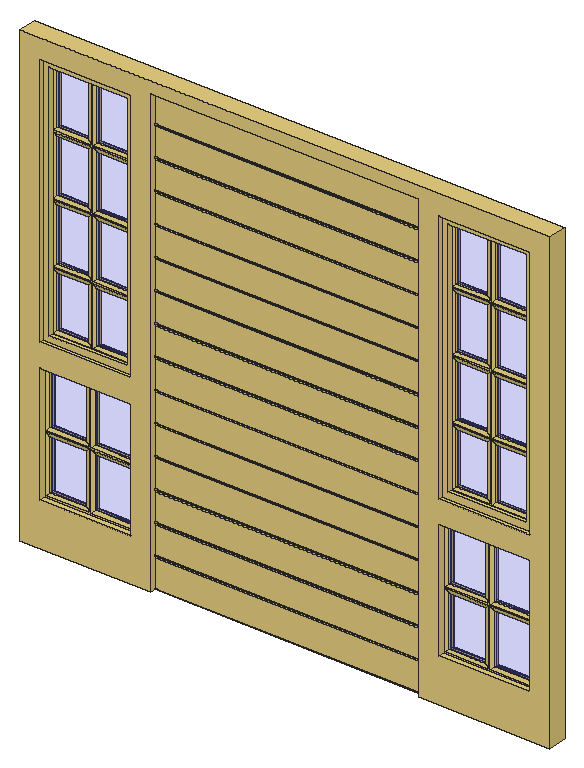
Revit family "DTI_A3-2100X2430-Cottage-Pane-Horizontal", category Doors, host Wall, Revit 2016
Family settings
  Host = Wall
  Always vertical = Yes
  Cut with Voids When Loaded = No
  Shared = No
  Room Calculation Point = No
Parameters (values of type "2100 x 2430 Cottage Pane - Horizontal")
  URL = "http://www.kparkerjoinery.co.za/"
  Side Width = 90 mm
  Panel Width = Width - 1200 mm  # 1230 mm
  Panel Height = Height - Frame Width  # 2045 mm
  Outside = Panel Width - 300 mm  # 930 mm
  Model = "Side Light Doors"
  Manufacturer Code = "Cottage Pane - Horizontal"
  Manufacturer = "K. Parker Joinery"
  Inside = (Panel Width - Outside) + 44 mm  # 344 mm
  Height = 2100 mm
  Wall Closure = By host
  Width = 2430 mm
  Glass Material = Glass
  Function = Interior
  Frame Width = 55 mm
  Frame Thickness = 85 mm
  Frame Material = Kiln Dried Wood
  Assembly Code = "B2030130"
Reference planes
  plane 1 "Center": y = 0
  plane 2 "Center (Left/Right)": x = 0
  plane 3 "Left": x = -1215
  plane 4 "Right": x = 1215
  plane 5: z = 2100
  plane 6 "Exterior": y = 75
  plane 7 "Interior": y = -75
  plane 8: x = 615
  plane 9: x = -615
  plane 10: z = 742
  plane 11: z = 471
  plane 12: z = 200
  plane 13: z = 1989
  plane 14: x = 1104
  plane 15: x = 915
  plane 16: z = 868
  plane 17: z = 1708.75
  plane 18: x = 726
  plane 19: z = 1428.5
  plane 20: z = 1148.25
  plane 21: x = -1104
  plane 22: x = -915
  plane 23: x = -726
  plane 24: x = 315
Forms (mm)
  Sweep 1, solid, material "Kiln Dried Wood" <- "Frame Material"
    path origin (0, 0, 0) x (1, 0, 0) y (0, 0, 1)
      loop
        line (615, 2100) -> (-615, 2100)
    profile origin (0, 0, 2100) x (0, 0, -1) y (0, -1, 0)
      loop
        line (0, -42.5) -> (55, -42.5) -> (55, 42.5) -> (0, 42.5) -> (0, -42.5)
  Sweep 2, solid, material "Kiln Dried Wood" <- "Frame Material"
    path origin (0, 0, 0) x (1, 0, 0) y (0, 0, 1)
      loop
        line (615, 0) -> (615, 2100) -> (1215, 2100) -> (1215, 0)
    profile origin (615, 0, 1050) x (-1, 0, 0) y (0, -1, 0)
      loop
        line (0, -42.5) -> (0, 42.5) -> (-90, 42.5) -> (-90, -42.5) -> (0, -42.5)
  Sweep 3, solid, material "Kiln Dried Wood" <- "Frame Material"
    path origin (0, 0, 0) x (1, 0, 0) y (0, 0, 1)
      loop
        line (-1215, 0) -> (-1215, 2100) -> (-615, 2100) -> (-615, 0)
    profile origin (-615, 0, 1050) x (0, -1, 0) y (1, 0, 0)
      loop
        line (-42.5, -90) -> (42.5, -90) -> (42.5, 0) -> (-42.5, 0) -> (-42.5, -90)
  Sweep 4, solid, material "Kiln Dried Wood" <- "Frame Material"
    path origin (0, 0, 0) x (1, 0, 0) y (0, 0, 1)
      loop
        line (1215, 0) -> (615, 0)
    profile origin (915, 0, 0) x (0, 0, -1) y (0, -1, 0)
      loop
        line (-200, -42.5) -> (0, -42.5) -> (0, 42.5) -> (-200, 42.5) -> (-200, -42.5)
  Sweep 5, solid, material "Kiln Dried Wood" <- "Frame Material"
    path origin (0, 0, 0) x (-1, 0, 0) y (0, 0, 1)
      loop
        line (1215, 0) -> (615, 0)
    profile origin (-915, 0, 0) x (0, 0, -1) y (0, 1, 0)
      loop
        line (-200, 42.5) -> (-200, -42.5) -> (0, -42.5) -> (0, 42.5) -> (-200, 42.5)
  Sweep 6, solid, material "Kiln Dried Wood" <- "Frame Material"
    path origin (0, 0, 0) x (1, 0, 0) y (0, 0, 1)
      loop
        line (1215, 742) -> (615, 742)
    profile origin (915, 0, 742) x (0, 0, -1) y (0, -1, 0)
      loop
        line (-105, -42.5) -> (0, -42.5) -> (0, 42.5) -> (-105, 42.5) -> (-105, -42.5)
  Sweep 7, solid, material "Kiln Dried Wood" <- "Frame Material"
    path origin (0, 0, 0) x (-1, 0, 0) y (0, 0, 1)
      loop
        line (1215, 742) -> (615, 742)
    profile origin (-915, 0, 742) x (0, 0, -1) y (0, 1, 0)
      loop
        line (-105, 42.5) -> (-105, -42.5) -> (0, -42.5) -> (0, 42.5) -> (-105, 42.5)
  Sweep 8, solid, material "Kiln Dried Wood" <- "Frame Material"
    path origin (0, 0, 0) x (1, 0, 0) y (0, 0, 1)
      loop
        line (1125, 742) -> (705, 742) -> (705, 200) -> (1125, 200) -> (1125, 742)
    profile "Side Light 1 : Side Light 1" origin (915, 0, 742) x (0, 0, -1) y (0, -1, 0)
      loop
        line (0, -15) -> (5, -15) -> (21.783, -9.035) -> (21.783, -4.035) -> (11.783, -4.035) -> (11.783, 4.035) -> (21.783, 4.035) -> (21.783, 9.035) -> (5, 15) -> (0, 15) -> (0, -15)
  Extrusion 9, solid, material "Glass" <- "Glass Material"
    sketch origin (0, 0, 0) x (1, 0, 0) y (0, 1, 0)
      loop
        line (716.783, 4.035) -> (716.783, -4.035) -> (1113.217, -4.035) -> (1113.217, 4.035) -> (716.783, 4.035)
    from 211.783 to 730.217
  Sweep 10, solid, material "Kiln Dried Wood" <- "Frame Material"
    path origin (0, 0, 0) x (1, 0, 0) y (0, 0, 1)
      loop
        line (-705, 742) -> (-1125, 742) -> (-1125, 200) -> (-705, 200) -> (-705, 742)
    profile "Side Light 1 : Side Light 1" origin (-915, 0, 742) x (0, 0, -1) y (0, -1, 0)
      loop
        line (0, -15) -> (5, -15) -> (21.783, -9.035) -> (21.783, -4.035) -> (11.783, -4.035) -> (11.783, 4.035) -> (21.783, 4.035) -> (21.783, 9.035) -> (5, 15) -> (0, 15) -> (0, -15)
  Extrusion 11, solid, material "Glass" <- "Glass Material"
    sketch origin (0, 0, 0) x (1, 0, 0) y (0, 1, 0)
      loop
        line (-1113.217, 4.035) -> (-1113.217, -4.035) -> (-716.783, -4.035) -> (-716.783, 4.035) -> (-1113.217, 4.035)
    from 211.783 to 730.217
  Sweep 12, solid, material "Kiln Dried Wood" <- "Frame Material"
    path origin (0, 0, 0) x (1, 0, 0) y (0, 0, 1)
      loop
        line (1125, 2010) -> (705, 2010) -> (705, 847) -> (1125, 847) -> (1125, 2010)
    profile "Side Light 2 : Side Light 2" origin (915, 0, 2010) x (0, 0, -1) y (0, -1, 0)
      loop
        line (21, 4.953) -> (21, -25.047) -> (29.217, -25.047) -> (46, -19.082) -> (46, -14.082) -> (36, -14.082) -> (36, -6.013) -> (46, -6.013) -> (46, -1.013) -> (29.217, 4.953) -> (21, 4.953)
      loop
        line (0, -25) -> (20, -25) -> (20, 5.953) -> (30, 5.953) -> (30, 25) -> (0, 25) -> (0, -25)
  Sweep 13, solid, material "Kiln Dried Wood" <- "Frame Material"
    path origin (0, 0, 0) x (1, 0, 0) y (0, 0, 1)
      loop
        line (-705, 2010) -> (-1125, 2010) -> (-1125, 847) -> (-705, 847) -> (-705, 2010)
    profile "Side Light 2 : Side Light 2" origin (-915, 0, 2010) x (0, 0, -1) y (0, -1, 0)
      loop
        line (21, 4.953) -> (21, -25.047) -> (29.217, -25.047) -> (46, -19.082) -> (46, -14.082) -> (36, -14.082) -> (36, -6.013) -> (46, -6.013) -> (46, -1.013) -> (29.217, 4.953) -> (21, 4.953)
      loop
        line (0, -25) -> (20, -25) -> (20, 5.953) -> (30, 5.953) -> (30, 25) -> (0, 25) -> (0, -25)
  Extrusion 14, solid, material "Glass" <- "Glass Material"
    sketch origin (0, 0, 0) x (1, 0, 0) y (0, 1, 0)
      loop
        line (-1089, 14.082) -> (-1089, 6.013) -> (-741, 6.013) -> (-741, 14.082) -> (-1089, 14.082)
      loop
        line (741, 14.082) -> (741, 6.013) -> (1089, 6.013) -> (1089, 14.082) -> (741, 14.082)
    from 883 to 1974
  Sweep 15, solid, material "Kiln Dried Wood" <- "Frame Material"
    path origin (0, 0, 0) x (1, 0, 0) y (0, 0, 1)
      loop
        line (1125, 471) -> (705, 471)
    profile "Side Light S 1 : Side Light S 1" origin (915, 0, 471) x (0, 0, -1) y (0, -1, 0)
      loop
        line (-19.283, -9.035) -> (-2.5, -15) -> (2.5, -15) -> (19.283, -9.035) -> (19.283, -4.035) -> (9.283, -4.035) -> (9.283, 4.035) -> (19.283, 4.035) -> (19.283, 9.035) -> (2.5, 15) -> (-2.5, 15) -> (-19.283, 9.035) -> (-19.283, 4.035) -> (-9.283, 4.035) -> (-9.283, -4.035) -> (-19.283, -4.035) -> (-19.283, -9.035)
  Sweep 16, solid, material "Kiln Dried Wood" <- "Frame Material"
    path origin (444, 0, 1386) x (0, 0, -1) y (1, 0, 0)
      loop
        line (1186, 471) -> (644, 471)
    profile "Side Light S 1 : Side Light S 1" origin (915, 0, 471) x (-1, 0, 0) y (0, -1, 0)
      loop
        line (-19.283, -9.035) -> (-2.5, -15) -> (2.5, -15) -> (19.283, -9.035) -> (19.283, -4.035) -> (9.283, -4.035) -> (9.283, 4.035) -> (19.283, 4.035) -> (19.283, 9.035) -> (2.5, 15) -> (-2.5, 15) -> (-19.283, 9.035) -> (-19.283, 4.035) -> (-9.283, 4.035) -> (-9.283, -4.035) -> (-19.283, -4.035) -> (-19.283, -9.035)
  Sweep 17, solid, material "Kiln Dried Wood" <- "Frame Material"
    path origin (0, 0, 0) x (-1, 0, 0) y (0, 0, 1)
      loop
        line (1125, 471) -> (705, 471)
    profile "Side Light S 1 : Side Light S 1" origin (-915, 0, 471) x (0, 0, -1) y (0, 1, 0)
      loop
        line (19.283, -9.035) -> (19.283, -4.035) -> (9.283, -4.035) -> (9.283, 4.035) -> (19.283, 4.035) -> (19.283, 9.035) -> (2.5, 15) -> (-2.5, 15) -> (-19.283, 9.035) -> (-19.283, 4.035) -> (-9.283, 4.035) -> (-9.283, -4.035) -> (-19.283, -4.035) -> (-19.283, -9.035) -> (-2.5, -15) -> (2.5, -15) -> (19.283, -9.035)
  Sweep 18, solid, material "Kiln Dried Wood" <- "Frame Material"
    path origin (-444, 0, 1386) x (0, 0, -1) y (-1, 0, 0)
      loop
        line (1186, 471) -> (644, 471)
    profile "Side Light S 1 : Side Light S 1" origin (-915, 0, 471) x (1, 0, 0) y (0, 1, 0)
      loop
        line (19.283, -9.035) -> (19.283, -4.035) -> (9.283, -4.035) -> (9.283, 4.035) -> (19.283, 4.035) -> (19.283, 9.035) -> (2.5, 15) -> (-2.5, 15) -> (-19.283, 9.035) -> (-19.283, 4.035) -> (-9.283, 4.035) -> (-9.283, -4.035) -> (-19.283, -4.035) -> (-19.283, -9.035) -> (-2.5, -15) -> (2.5, -15) -> (19.283, -9.035)
  Sweep 19, solid, material "Kiln Dried Wood" <- "Frame Material"
    path origin (0, 0, 0) x (1, 0, 0) y (0, 0, 1)
      loop
        line (-726, 1148.25) -> (-1104, 1148.25)
    profile "Side Light S 2 : Side Light S 2" origin (-915, 0, 1148.25) x (0, 0, -1) y (0, -1, 0)
      loop
        line (2.5, -25.043) -> (19.283, -19.078) -> (19.283, -14.078) -> (9.283, -14.078) -> (9.283, -6.008) -> (19.283, -6.008) -> (19.283, -1.008) -> (2.5, 4.957) -> (-2.5, 4.957) -> (-19.283, -1.008) -> (-19.283, -6.008) -> (-9.283, -6.008) -> (-9.283, -14.078) -> (-19.283, -14.078) -> (-19.283, -19.078) -> (-2.5, -25.043) -> (2.5, -25.043)
  Sweep 20, solid, material "Kiln Dried Wood" <- "Frame Material"
    path origin (-2063.25, 0, 233.25) x (0, 0, -1) y (1, 0, 0)
      loop
        line (-634.75, 1148.25) -> (-1755.75, 1148.25)
    profile "Side Light S 2 : Side Light S 2" origin (-915, 0, 1428.5) x (-1, 0, 0) y (0, -1, 0)
      loop
        line (2.5, -25.043) -> (19.283, -19.078) -> (19.283, -14.078) -> (9.283, -14.078) -> (9.283, -6.008) -> (19.283, -6.008) -> (19.283, -1.008) -> (2.5, 4.957) -> (-2.5, 4.957) -> (-19.283, -1.008) -> (-19.283, -6.008) -> (-9.283, -6.008) -> (-9.283, -14.078) -> (-19.283, -14.078) -> (-19.283, -19.078) -> (-2.5, -25.043) -> (2.5, -25.043)
  Sweep 21, solid, material "Kiln Dried Wood" <- "Frame Material"
    path origin (0, 0, 280.25) x (1, 0, 0) y (0, 0, 1)
      loop
        line (-726, 1148.25) -> (-1104, 1148.25)
    profile "Side Light S 2 : Side Light S 2" origin (-915, 0, 1428.5) x (0, 0, -1) y (0, -1, 0)
      loop
        line (2.5, -25.043) -> (19.283, -19.078) -> (19.283, -14.078) -> (9.283, -14.078) -> (9.283, -6.008) -> (19.283, -6.008) -> (19.283, -1.008) -> (2.5, 4.957) -> (-2.5, 4.957) -> (-19.283, -1.008) -> (-19.283, -6.008) -> (-9.283, -6.008) -> (-9.283, -14.078) -> (-19.283, -14.078) -> (-19.283, -19.078) -> (-2.5, -25.043) -> (2.5, -25.043)
  Sweep 22, solid, material "Kiln Dried Wood" <- "Frame Material"
    path origin (0, 0, 560.5) x (1, 0, 0) y (0, 0, 1)
      loop
        line (-726, 1148.25) -> (-1104, 1148.25)
    profile "Side Light S 2 : Side Light S 2" origin (-915, 0, 1708.75) x (0, 0, -1) y (0, -1, 0)
      loop
        line (2.5, -25.043) -> (19.283, -19.078) -> (19.283, -14.078) -> (9.283, -14.078) -> (9.283, -6.008) -> (19.283, -6.008) -> (19.283, -1.008) -> (2.5, 4.957) -> (-2.5, 4.957) -> (-19.283, -1.008) -> (-19.283, -6.008) -> (-9.283, -6.008) -> (-9.283, -14.078) -> (-19.283, -14.078) -> (-19.283, -19.078) -> (-2.5, -25.043) -> (2.5, -25.043)
  Sweep 23, solid, material "Kiln Dried Wood" <- "Frame Material"
    path origin (1860, 0, 0) x (1, 0, 0) y (0, 0, 1)
      loop
        line (-756, 1148.25) -> (-1134, 1148.25)
    profile "Side Light S 2 : Side Light S 2" origin (915, 0, 1148.25) x (0, 0, -1) y (0, -1, 0)
      loop
        line (2.5, -25.043) -> (19.283, -19.078) -> (19.283, -14.078) -> (9.283, -14.078) -> (9.283, -6.008) -> (19.283, -6.008) -> (19.283, -1.008) -> (2.5, 4.957) -> (-2.5, 4.957) -> (-19.283, -1.008) -> (-19.283, -6.008) -> (-9.283, -6.008) -> (-9.283, -14.078) -> (-19.283, -14.078) -> (-19.283, -19.078) -> (-2.5, -25.043) -> (2.5, -25.043)
  Sweep 24, solid, material "Kiln Dried Wood" <- "Frame Material"
    path origin (-203.25, 0, 233.25) x (0, 0, -1) y (1, 0, 0)
      loop
        line (-634.75, 1118.25) -> (-1755.75, 1118.25)
    profile "Side Light S 2 : Side Light S 2" origin (915, 0, 1428.5) x (-1, 0, 0) y (0, -1, 0)
      loop
        line (2.5, -25.043) -> (19.283, -19.078) -> (19.283, -14.078) -> (9.283, -14.078) -> (9.283, -6.008) -> (19.283, -6.008) -> (19.283, -1.008) -> (2.5, 4.957) -> (-2.5, 4.957) -> (-19.283, -1.008) -> (-19.283, -6.008) -> (-9.283, -6.008) -> (-9.283, -14.078) -> (-19.283, -14.078) -> (-19.283, -19.078) -> (-2.5, -25.043) -> (2.5, -25.043)
  Sweep 25, solid, material "Kiln Dried Wood" <- "Frame Material"
    path origin (1860, 0, 280.25) x (1, 0, 0) y (0, 0, 1)
      loop
        line (-756, 1148.25) -> (-1134, 1148.25)
    profile "Side Light S 2 : Side Light S 2" origin (915, 0, 1428.5) x (0, 0, -1) y (0, -1, 0)
      loop
        line (2.5, -25.043) -> (19.283, -19.078) -> (19.283, -14.078) -> (9.283, -14.078) -> (9.283, -6.008) -> (19.283, -6.008) -> (19.283, -1.008) -> (2.5, 4.957) -> (-2.5, 4.957) -> (-19.283, -1.008) -> (-19.283, -6.008) -> (-9.283, -6.008) -> (-9.283, -14.078) -> (-19.283, -14.078) -> (-19.283, -19.078) -> (-2.5, -25.043) -> (2.5, -25.043)
  Sweep 26, solid, material "Kiln Dried Wood" <- "Frame Material"
    path origin (1860, 0, 560.5) x (1, 0, 0) y (0, 0, 1)
      loop
        line (-756, 1148.25) -> (-1134, 1148.25)
    profile "Side Light S 2 : Side Light S 2" origin (915, 0, 1708.75) x (0, 0, -1) y (0, -1, 0)
      loop
        line (2.5, -25.043) -> (19.283, -19.078) -> (19.283, -14.078) -> (9.283, -14.078) -> (9.283, -6.008) -> (19.283, -6.008) -> (19.283, -1.008) -> (2.5, 4.957) -> (-2.5, 4.957) -> (-19.283, -1.008) -> (-19.283, -6.008) -> (-9.283, -6.008) -> (-9.283, -14.078) -> (-19.283, -14.078) -> (-19.283, -19.078) -> (-2.5, -25.043) -> (2.5, -25.043)
Cuts and joins
  joined: Sweep 1, Sweep 2, Sweep 3, Sweep 4, Sweep 5, Sweep 6, Sweep 7
  joined: Sweep 8, Sweep 15, Sweep 16
  joined: Sweep 10, Sweep 17, Sweep 18
  joined: Sweep 12, Sweep 23, Sweep 24, Sweep 25, Sweep 26
  joined: Sweep 13, Sweep 19, Sweep 20, Sweep 21, Sweep 22
Lines and regions (mm)
  Opening 1
    outline origin (-3050, -75, 0) x (1, 0, 0) y (0, 0, 1)
      loop
        line (1835, 0) -> (4265, 0) -> (4265, 2100) -> (1835, 2100) -> (1835, 0)
  symbolic lines, style "Elevation Swing"
    curve 1: line (1125, 0, 2010) -> (705, 0, 1428.5)
    curve 2: line (1125, 0, 847) -> (705, 0, 1428.5)
    curve 3: line (-1125, 0, 2010) -> (-705, 0, 1428.5)
    curve 4: line (-1125, 0, 847) -> (-705, 0, 1428.5)
    curve 5: line (315, -75, 2045) -> (-615, -75, 1022.5)
    curve 6: line (-615, -75, 1022.5) -> (315, -75, 0)
    curve 7: line (315, -75, 0) -> (615, -75, 1022.5)
    curve 8: line (615, -75, 1022.5) -> (315, -75, 2045)
  symbolic lines, style "Plan Swing"
    curve 9: line (315, 22, 0) -> (271, 22, 0)
    curve 10: line (315, 952, 0) -> (315, 22, 0)
    curve 11: line (271, 952, 0) -> (315, 952, 0)
    curve 12: line (271, 22, 0) -> (271, 952, 0)
    curve 13: arc (315, 952, 0) -> (-342.609, 679.609, 0) -> (-615, 22, 0) r 930
    curve 14: line (315, -22, 0) -> (271, -22, 0)
    curve 15: line (315, -366, 0) -> (315, -22, 0)
    curve 16: line (271, -366, 0) -> (315, -366, 0)
    curve 17: line (271, -22, 0) -> (271, -366, 0)
    curve 18: arc (271, -366, 0) -> (514.245, -265.245, 0) -> (615, -22, 0) r 344
Text (mm)
  text "Exterior" at (-2295.016, 1099.543, 0), in view "Ref. Level"
  text "Exterior" at (0, 1615.38, 3698.081), in view "Left"
  text "Exterior" at (0, 1036.032, 3874.932), in view "Right"
Dimensions and locks
  equal spacing: plane 3 "Left", plane 2 "Center (Left/Right)", plane 4 "Right"
  "Width": plane 3 "Left" to plane 4 "Right"
  "Height": plane 5 to host wall
  locked: plane 6 "Exterior" to host wall at 0
  locked: plane 7 "Interior" to host wall
  locked: plane 8 to plane 4 "Right" at 600
  locked: plane 9 to plane 3 "Left" at 600
  "Frame Width": Sweep 1 sketch curve to Sweep 1 sketch curve
  equal spacing: Sweep 1 sketch curve, profile plane, Sweep 1 sketch curve
  "Frame Thickness": Sweep 1 sketch curve to Sweep 1 sketch curve
  "Side Width": Sweep 2 sketch curve to Sweep 2 sketch curve
  equal spacing: Sweep 2 sketch curve, profile plane, Sweep 2 sketch curve
  "Frame Thickness": Sweep 2 sketch curve to Sweep 2 sketch curve
  equal spacing: Sweep 3 sketch curve, profile plane, Sweep 3 sketch curve
  "Frame Thickness": Sweep 3 sketch curve to Sweep 3 sketch curve
  "Side Width": Sweep 3 sketch curve to Sweep 3 sketch curve
  locked: Sweep 4 sketch curve to Sweep 4 sketch curve at 200
  locked: Sweep 5 sketch curve to Sweep 5 sketch curve at 200
  locked: level to plane 10 at 742
  locked: Sweep 6 sketch curve to Sweep 6 sketch curve at 105
  locked: Sweep 7 sketch curve to Sweep 7 sketch curve at 105
  equal spacing: plane 12, plane 11, plane 10
  locked: plane 10 to plane 16 at 126
  locked: plane 13 to plane 5 at 111
  locked: plane 4 "Right" to plane 14 at 111
  equal spacing: plane 8, plane 15, plane 4 "Right"
  locked: plane 8 to plane 18 at 111
  locked: plane 3 "Left" to plane 21 at 111
  equal spacing: plane 9, plane 22, plane 3 "Left"
  locked: plane 9 to plane 23 at 111
  equal spacing: plane 16, plane 20, plane 19, plane 17, plane 13
  locked: plane 24 to plane 8 at 300
  "Outside": curve 9 to curve 11
  "Inside": curve 16 to curve 14
  aligned and locked: plane 3 "Left" to Opening 1 sketch curve
  aligned and locked: plane 5 to Opening 1 sketch curve  (x2)
  aligned and locked: Opening 1 sketch curve to plane 4 "Right"
  aligned and locked: Opening 1 sketch curve to level
  aligned and locked: plane 1 "Center" to host wall
  aligned and locked: plane 5 to Sweep 1 sketch curve
  aligned and locked: Sweep 1 sketch curve to profile plane
  aligned and locked: level to Sweep 2 sketch curve  (x2)
  aligned and locked: Sweep 2 sketch curve to plane 8
  aligned and locked: profile plane to Sweep 2 sketch curve
  aligned and locked: level to Sweep 3 sketch curve  (x2)
  aligned and locked: Sweep 3 sketch curve to plane 9
  aligned and locked: profile plane to Sweep 3 sketch curve
  aligned and locked: plane 8 to Sweep 1 sketch curve
  aligned and locked: plane 9 to Sweep 1 sketch curve
  aligned and locked: plane 5 to Sweep 2 sketch curve
  aligned and locked: Sweep 2 sketch curve to plane 4 "Right"
  aligned and locked: plane 5 to Sweep 3 sketch curve
  aligned and locked: Sweep 3 sketch curve to plane 3 "Left"
  aligned and locked: plane 4 "Right" to Sweep 4 sketch curve
  aligned and locked: plane 8 to Sweep 4 sketch curve
  aligned and locked: Sweep 4 sketch curve to level
  aligned and locked: profile plane to Sweep 4 sketch curve
  aligned and locked: Sweep 4 sketch curve to cut or joined group of Sweep 1, Sweep 2, Sweep 3, Sweep 4, Sweep 5, Sweep 6, Sweep 7  (x2)
  aligned and locked: profile plane to Sweep 5 sketch curve
  aligned and locked: plane 9 to Sweep 5 sketch curve
  aligned and locked: plane 3 "Left" to Sweep 5 sketch curve
  aligned and locked: level to Sweep 5 sketch curve
  aligned and locked: Sweep 5 sketch curve to cut or joined group of Sweep 1, Sweep 2, Sweep 3, Sweep 4, Sweep 5, Sweep 6, Sweep 7  (x2)
  aligned and locked: plane 4 "Right" to Sweep 6 sketch curve
  aligned and locked: plane 8 to Sweep 6 sketch curve
  aligned and locked: Sweep 6 sketch curve to plane 10
  aligned and locked: profile plane to Sweep 6 sketch curve
  aligned and locked: Sweep 6 sketch curve to cut or joined group of Sweep 1, Sweep 2, Sweep 3, Sweep 4, Sweep 5, Sweep 6, Sweep 7  (x2)
  aligned and locked: profile plane to Sweep 7 sketch curve
  aligned and locked: plane 9 to Sweep 7 sketch curve
  aligned and locked: plane 3 "Left" to Sweep 7 sketch curve
  aligned and locked: plane 10 to Sweep 7 sketch curve
  aligned and locked: Sweep 7 sketch curve to cut or joined group of Sweep 1, Sweep 2, Sweep 3, Sweep 4, Sweep 5, Sweep 6, Sweep 7  (x2)
  aligned and locked: cut or joined group of Sweep 1, Sweep 2, Sweep 3, Sweep 4, Sweep 5, Sweep 6, Sweep 7 to Sweep 8 sketch curve  (x2)
  aligned and locked: Sweep 8 sketch curve to cut or joined group of Sweep 1, Sweep 2, Sweep 3, Sweep 4, Sweep 5, Sweep 6, Sweep 7  (x2)
  aligned and locked: Sweep 8 to Extrusion 9 sketch curve
  aligned and locked: Extrusion 9 sketch curve to Sweep 8  (x3)
  aligned and locked: Extrusion 9 to Sweep 8  (x2)
  aligned and locked: cut or joined group of Sweep 1, Sweep 2, Sweep 3, Sweep 4, Sweep 5, Sweep 6, Sweep 7 to Sweep 10 sketch curve  (x3)
  aligned and locked: Sweep 10 sketch curve to cut or joined group of Sweep 1, Sweep 2, Sweep 3, Sweep 4, Sweep 5, Sweep 6, Sweep 7
  aligned and locked: Sweep 10 to Extrusion 11 sketch curve
  aligned and locked: Extrusion 11 sketch curve to Sweep 10  (x3)
  aligned and locked: Extrusion 11 to Sweep 8  (x2)
  aligned and locked: cut or joined group of Sweep 1, Sweep 2, Sweep 3, Sweep 4, Sweep 5, Sweep 6, Sweep 7 to Sweep 12 sketch curve  (x3)
  aligned and locked: Sweep 12 sketch curve to cut or joined group of Sweep 1, Sweep 2, Sweep 3, Sweep 4, Sweep 5, Sweep 6, Sweep 7
  aligned and locked: cut or joined group of Sweep 1, Sweep 2, Sweep 3, Sweep 4, Sweep 5, Sweep 6, Sweep 7 to Sweep 13 sketch curve  (x2)
  aligned and locked: Sweep 13 sketch curve to cut or joined group of Sweep 1, Sweep 2, Sweep 3, Sweep 4, Sweep 5, Sweep 6, Sweep 7  (x2)
  aligned and locked: Sweep 13 to Extrusion 14 sketch curve
  aligned and locked: Extrusion 14 sketch curve to Sweep 13  (x3)
  aligned and locked: Sweep 12 to Extrusion 14 sketch curve
  aligned and locked: Extrusion 14 sketch curve to Sweep 12  (x3)
  aligned and locked: Extrusion 14 to Sweep 12  (x2)
  aligned and locked: curve 1 to cut or joined group of Sweep 1, Sweep 2, Sweep 3, Sweep 4, Sweep 5, Sweep 6, Sweep 7
  aligned and locked: cut or joined group of Sweep 1, Sweep 2, Sweep 3, Sweep 4, Sweep 5, Sweep 6, Sweep 7 to curve 1
  aligned and locked: curve 2 to cut or joined group of Sweep 1, Sweep 2, Sweep 3, Sweep 4, Sweep 5, Sweep 6, Sweep 7
  aligned and locked: cut or joined group of Sweep 1, Sweep 2, Sweep 3, Sweep 4, Sweep 5, Sweep 6, Sweep 7 to curve 3
  aligned and locked: curve 3 to cut or joined group of Sweep 1, Sweep 2, Sweep 3, Sweep 4, Sweep 5, Sweep 6, Sweep 7
  aligned and locked: curve 4 to cut or joined group of Sweep 1, Sweep 2, Sweep 3, Sweep 4, Sweep 5, Sweep 6, Sweep 7
  aligned and locked: cut or joined group of Sweep 1, Sweep 2, Sweep 3, Sweep 4, Sweep 5, Sweep 6, Sweep 7 to Sweep 15 sketch curve  (x2)
  aligned and locked: Sweep 15 sketch curve to plane 11
  aligned and locked: Sweep 8 to Sweep 16 sketch curve  (x2)
  aligned and locked: cut or joined group of Sweep 1, Sweep 2, Sweep 3, Sweep 4, Sweep 5, Sweep 6, Sweep 7 to Sweep 17 sketch curve  (x2)
  aligned and locked: plane 11 to Sweep 17 sketch curve
  aligned and locked: Sweep 10 to Sweep 18 sketch curve  (x2)
  aligned and locked: Sweep 18 sketch curve to plane 22
  aligned and locked: plane 23 to Sweep 19 sketch curve
  aligned and locked: Sweep 19 sketch curve to plane 21
  aligned and locked: Sweep 19 sketch curve to plane 20
  aligned and locked: plane 23 to Sweep 21 sketch curve
  aligned and locked: Sweep 21 sketch curve to plane 21
  aligned and locked: Sweep 21 sketch curve to plane 19
  aligned and locked: plane 23 to Sweep 22 sketch curve
  aligned and locked: Sweep 22 sketch curve to plane 21
  aligned and locked: Sweep 22 sketch curve to plane 17
  aligned and locked: plane 13 to Sweep 20 sketch curve
  aligned and locked: plane 16 to Sweep 20 sketch curve
  aligned and locked: Sweep 20 sketch curve to plane 22
  aligned and locked: Sweep 23 sketch curve to plane 18
  aligned and locked: plane 14 to Sweep 23 sketch curve
  aligned and locked: Sweep 23 sketch curve to plane 20
  aligned and locked: plane 13 to Sweep 24 sketch curve
  aligned and locked: plane 16 to Sweep 24 sketch curve
  aligned and locked: plane 15 to Sweep 24 sketch curve
  aligned and locked: plane 14 to Sweep 25 sketch curve
  aligned and locked: Sweep 25 sketch curve to plane 18
  aligned and locked: Sweep 25 sketch curve to plane 19
  aligned and locked: Sweep 26 sketch curve to plane 18
  aligned and locked: plane 14 to Sweep 26 sketch curve
  aligned and locked: Sweep 26 sketch curve to plane 17
  aligned and locked: plane 2 "Center (Left/Right)" to nested 1
  aligned and locked: plane 1 "Center" to nested 1
  aligned and locked: cut or joined group of Sweep 1, Sweep 2, Sweep 3, Sweep 4, Sweep 5, Sweep 6, Sweep 7 to curve 5
  aligned and locked: level to curve 6
  aligned and locked: cut or joined group of Sweep 1, Sweep 2, Sweep 3, Sweep 4, Sweep 5, Sweep 6, Sweep 7 to curve 7
  aligned and locked: curve 12 to curve 17
  aligned and locked: curve 5 to cut or joined group of Sweep 1, Sweep 2, Sweep 3, Sweep 4, Sweep 5, Sweep 6, Sweep 7
Automatic sketch dimensions
  plane 10 to curve 2 = 105 mm
  plane 10 to curve 4 = 105 mm
  plane 5 to curve 2 = 671.5 mm
  plane 5 to curve 3 = 671.5 mm
  plane 5 to curve 3 = 90 mm
  plane 5 to curve 1 = 90 mm
  Sweep 16 sketch curve to plane 15 = 0 mm
  curve 13 to plane 9 = 0 mm
  curve 14 to plane 24 = 0 mm
  curve 13 to plane 24 = 0 mm
  curve 18 to plane 8 = 0 mm
  curve 9 to host wall = 22 mm
  host wall to curve 18 = 22 mm
  curve 14 to curve 18 = 0 mm
  curve 6 to plane 24 = 0 mm
  curve 8 to plane 24 = 0 mm
  curve 6 to plane 20 = 125.75 mm
  curve 7 to plane 20 = 125.75 mm
Nested families
  nested 1: "Pivot Horizontal Slatted" at (0, 0, 0) x (-1, 0, 0) z (0, 0, 1), type "Pivot Horizontal Slatted", detail levels medium+fine
    with Width 1230 mm, Slat H 136.333 mm, Offset 68.167 mm, Height 2045 mm
Definition of nested family "Pivot Horizontal Slatted"
  Parameters
    Width = 1200 mm
    Thickness = 44 mm
    Slat H = Height / Array  # 135.467 mm
    Offset = Slat H / 2  # 67.733 mm
    Height = 2032 mm
    Glass Material = none
    Frame Material = none
    Array = 15
  Reference planes
    plane 1 "Center (Front/Back)": y = 0
    plane 2: z = 0
    plane 3 "Center (Left/Right)": x = 0
    plane 4: x = -600
    plane 5: x = 600
    plane 6: z = 2032
    plane 7: z = 1964.267
    plane 8: z = 67.733
  Dimensions and locks
    equal spacing: plane 4, plane 3 "Center (Left/Right)", plane 5
    "Width": plane 4 to plane 5
    "Height": plane 6 to level
    "Offset": plane 8 to level
    "Offset": plane 6 to plane 7
    equal spacing: group 1, group 3, group 4, group 5, group 6, group 7, group 8, group 9, group 10, group 11, group 12, group 13, group 14, group 15, group 2  (x3)
    aligned and locked: plane 3 "Center (Left/Right)" to nested 1
    aligned and locked: plane 1 "Center (Front/Back)" to nested 1
    aligned and locked: plane 8 to nested 1
    aligned and locked: plane 3 "Center (Left/Right)" to nested 2
    aligned and locked: plane 1 "Center (Front/Back)" to nested 2
    aligned and locked: plane 7 to nested 2
  Nested families
    nested 1: "Slat2" at (0, 0, -1147.414), type "Slat2"
      with Width 1200 mm, Thickness 44 mm, Height 135.467 mm
    nested 2: "Slat2" at (0, 0, 749.12), type "Slat2"
      with Width 1200 mm, Thickness 44 mm, Height 135.467 mm
    nested 3: "Slat2" at (0, 0, -1011.947), type "Slat2"
      with Width 1200 mm, Thickness 44 mm, Height 135.467 mm
    nested 4: "Slat2" at (0, 0, -876.48), type "Slat2"
      with Width 1200 mm, Thickness 44 mm, Height 135.467 mm
    nested 5: "Slat2" at (0, 0, -741.014), type "Slat2"
      with Width 1200 mm, Thickness 44 mm, Height 135.467 mm
    nested 6: "Slat2" at (0, 0, -605.547), type "Slat2"
      with Width 1200 mm, Thickness 44 mm, Height 135.467 mm
    nested 7: "Slat2" at (0, 0, -470.08), type "Slat2"
      with Width 1200 mm, Thickness 44 mm, Height 135.467 mm
    nested 8: "Slat2" at (0, 0, -334.614), type "Slat2"
      with Width 1200 mm, Thickness 44 mm, Height 135.467 mm
    nested 9: "Slat2" at (0, 0, -199.147), type "Slat2"
      with Width 1200 mm, Thickness 44 mm, Height 135.467 mm
    nested 10: "Slat2" at (0, 0, -63.68), type "Slat2"
      with Width 1200 mm, Thickness 44 mm, Height 135.467 mm
    nested 11: "Slat2" at (0, 0, 71.786), type "Slat2"
      with Width 1200 mm, Thickness 44 mm, Height 135.467 mm
    nested 12: "Slat2" at (0, 0, 207.253), type "Slat2"
      with Width 1200 mm, Thickness 44 mm, Height 135.467 mm
    nested 13: "Slat2" at (0, 0, 342.72), type "Slat2"
      with Width 1200 mm, Thickness 44 mm, Height 135.467 mm
    nested 14: "Slat2" at (0, 0, 478.186), type "Slat2"
      with Width 1200 mm, Thickness 44 mm, Height 135.467 mm
    nested 15: "Slat2" at (0, 0, 613.653), type "Slat2"
      with Width 1200 mm, Thickness 44 mm, Height 135.467 mm
  Definition of nested family "Slat2"
    Parameters
      Width = 500 mm
      Thickness = 40 mm
      Material = none
      Height = 80 mm
      Assembly Code = ""
    Reference planes
      plane 1 "Center (Front/Back)": y = 0
      plane 2: z = 0
      plane 3 "Center (Left/Right)": x = 0
      plane 4: x = -250
      plane 5: y = 20
      plane 6: x = 250
      plane 7: y = -20
      plane 8: z = 1215.147
      plane 9: z = 1255.147
      plane 10: z = 1175.147
    Forms (mm)
      Sweep 1, solid, material <- "Material"
        path origin (0, 0, 0) x (1, 0, 0) y (0, 0, 1)
          loop
            line (-250, 1215.147) -> (250, 1215.147)
        profile origin (0, 0, 1215.147) x (0, 0, 1) y (0, -1, 0)
          loop
            line (40, -15) -> (40, 15)
            arc (40, 15) -> (38.536, 18.536) -> (35, 20) r 5
            line (35, 20) -> (-35, 20)
            arc (-35, 20) -> (-38.536, 18.536) -> (-40, 15) r 5
            line (-40, 15) -> (-40, -15)
            arc (-40, -15) -> (-38.536, -18.536) -> (-35, -20) r 5
            line (-35, -20) -> (35, -20)
            arc (35, -20) -> (38.536, -18.536) -> (40, -15) r 5
    Dimensions and locks
      equal spacing: plane 4, plane 3 "Center (Left/Right)", plane 6
      equal spacing: plane 5, plane 1 "Center (Front/Back)", plane 7
      "Thickness": plane 5 to plane 7
      "Width": plane 4 to plane 6
      equal spacing: plane 9, plane 8, plane 10
      "Height": plane 9 to plane 10
      aligned and locked: plane 4 to Sweep 1 sketch curve
      aligned and locked: plane 6 to Sweep 1 sketch curve
      aligned and locked: Sweep 1 sketch curve to plane 8
      aligned and locked: plane 9 to Sweep 1 sketch curve
      aligned and locked: plane 7 to Sweep 1 sketch curve
      aligned and locked: Sweep 1 sketch curve to plane 5
      aligned and locked: Sweep 1 sketch curve to plane 10
    Automatic sketch dimensions
      Sweep 1 sketch curve to Sweep 1 sketch curve = 5 mm  (x4)
